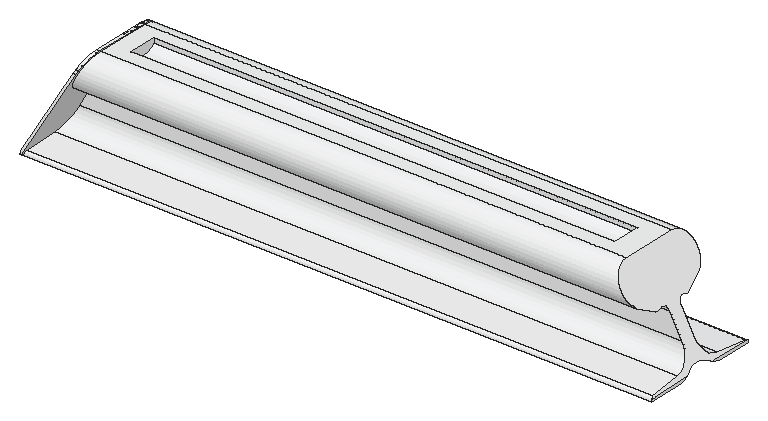
Revit family "Grab_Bar-Ligature_Resistant-Whitehall_Manufacturing_BestCare-WHB-GB_Series", category Specialty Equipment, host Face, Revit 2021
Family settings
  Host = Face
  Round Connector Dimension = Use Diameter
  Part Type = Normal
  OmniClass Number = 23.40.20.21.47
  OmniClass Title = Bath Grab Bars
  Cut with Voids When Loaded = No
  Shared = Yes
  Room Calculation Point = No
Parameters (values of type "WHB-GB18-EG10")
  Width = 4 1/2"  # constant formula
  URL = "https://www.whitehallmfg.com/home"
  Type Comments = "18” Universal Grab Bar"
  Specified Length = 18"
  Product Page URL = "https://www.whitehallmfg.com/ligature-resistant-universal-grab-bar-whb-gb"
  Product Documentation Link = "https://www.whitehallmfg.com/uploads/fileLibrary/WHB-GB.pdf?v=638972443217758824"
  Model = "WHB-GB18-EG10"
  Material = "Cast Aluminum-Whitehall-Snow White (EG10) Enviro-glaze Powder Coat"  # constant formula
  Manufacturer = "Whitehall Manufacturing"  # constant formula
  Length = Specified Length + (2" * 2.75)  # 23 1/2"
  Keynote = ""
  Installation Type = "Wall Mounted"  # constant formula
  Installation Instruction Link = "https://www.whitehallmfg.com/uploads/fileLibrary/6900-251-001%20%20%20WHB-GB.pdf?v=638972443217758824"
  Finish = Cast Aluminum-Whitehall-Snow White (EG10) Enviro-glaze Powder Coat
  Description = "Whitehall BestCare® Universal Aluminum Grab Bar"  # constant formula
  Default Elevation = 0"  # constant formula
  Creation Date = "10/28/2025"  # constant formula
  Bar Depth = 3 5/8"  # constant formula
  Assembly Code = "C1030200"
  ADA Compliant = yes
Types (7): name | Type Comments | Specified Length | Model | Length
  (no name) | "18” Universal Grab Bar" | 18" | "WHB-GB18-EG10" | 23 1/2"
  WHB-GB18-EG10 | "18” Universal Grab Bar" | 18" | "WHB-GB18-EG10" | 23 1/2"
  WHB-GB24-EG10 | "24” Universal Grab Bar" | 24" | "WHB-GB24-EG10" | 29 1/2"
  WHB-GB30-EG10 | "30” Universal Grab Bar" | 30" | "WHB-GB30-EG10" | 35 1/2"
  WHB-GB36-EG10 | "36” Universal Grab Bar" | 36" | "WHB-GB36-EG10" | 41 1/2"
  WHB-GB42-EG10 | "42” Universal Grab Bar" | 42" | "WHB-GB42-EG10" | 47 1/2"
  WHB-GB48-EG10 | "48” Universal Grab Bar" | 48" | "WHB-GB48-EG10" | 53 1/2"
Reference planes (in)
  plane 1 "Center (Front/Back)": y = 0
  plane 2: z = 0
  plane 3 "Center (Left/Right)": x = 0
  plane 4: y = 36
  plane 5: x = -11.75
  plane 6: x = 11.75
  plane 7: y = 31.5
  plane 8: y = 33.75
  plane 9: y = 31.8125
  plane 10: y = 35.6875
  plane 11: y = 32
  plane 12: y = 35.5
  plane 13: z = 3.625
  plane 14: z = 2
  plane 15: x = -9
  plane 16: x = 9
Forms (in)
  Extrusion 1, solid, material "Cast Aluminum-Whitehall-Snow White (EG10) Enviro-glaze Powder Coat" <- "Finish"
    sketch origin (0, 0, 0) x (0, 1, 0) y (0, 0, 1)
      loop
        arc (34.28366, 0.14482) -> (34.45892, 0.05604) -> (34.64982, 0.00962) r 0.85482
        line (34.64982, 0.00962) -> (35.99896, 0.00962)
        arc (35.99896, 0.00962) -> (35.96961, 0.08934) -> (35.90416, 0.1435) r 0.16316
        line (35.90416, 0.1435) -> (34.66298, 0.25335)
        arc (34.66298, 0.25335) -> (34.18702, 0.48851) -> (33.99473, 0.98334) r 0.73285
        line (33.99473, 0.98334) -> (33.99463, 1.83383)
        arc (33.99463, 1.83383) -> (34.09382, 2.01603) -> (34.30068, 2.03162) r 0.21694
        arc (34.30068, 2.03162) -> (34.41094, 2.00086) -> (34.52534, 2.00435) r 0.37984
        arc (34.52534, 2.00435) -> (34.85841, 2.1542) -> (35.17442, 2.33733) r 3.56757
        arc (35.17442, 2.33733) -> (35.46371, 3.12231) -> (34.79333, 3.62278) r 0.69922
        line (34.79333, 3.62278) -> (32.70407, 3.62278)
        arc (32.70407, 3.62278) -> (32.03452, 3.12316) -> (32.32287, 2.33909) r 0.69845
        arc (32.32287, 2.33909) -> (32.64014, 2.15494) -> (32.97466, 2.00435) r 3.56757
        arc (32.97466, 2.00435) -> (33.08906, 2.00086) -> (33.19932, 2.03162) r 0.37984
        arc (33.19932, 2.03162) -> (33.40618, 2.01603) -> (33.50537, 1.83383) r 0.21694
        line (33.50537, 1.83383) -> (33.50537, 0.98334)
        arc (33.50537, 0.98334) -> (33.31298, 0.48851) -> (32.83702, 0.25335) r 0.73285
        line (32.83702, 0.25335) -> (31.59584, 0.1435)
        arc (31.59584, 0.1435) -> (31.53039, 0.08934) -> (31.50104, 0.00962) r 0.16316
        line (31.50104, 0.00962) -> (32.85018, 0.00962)
        arc (32.85018, 0.00962) -> (33.04108, 0.05604) -> (33.21634, 0.14482) r 0.85482
        arc (33.21634, 0.14482) -> (33.75, 0.31691) -> (34.28366, 0.14482) r 0.91353
    from -11.75 to 11.75
  Extrusion 2, void
    sketch origin (0, 0, 0) x (1, 0, 0) y (0, 0, 1)
      loop
        line (-9.81407, 3.71482) -> (-9.81407, 4.75) -> (-12.40625, 4.75) -> (-12.40625, 0) -> (-11.80547, 0) -> (-9.81407, 3.71482)
      loop
        line (9.81407, 3.71482) -> (11.80547, 0) -> (12.40625, 0) -> (12.40625, 4.75) -> (9.81407, 4.75) -> (9.81407, 3.71482)
    from -36 to -31.5
  Extrusion 3, void
    sketch origin (0, 0, 0) x (0, 1, 0) y (0, 0, 1)
      loop
        line (34.28158, 3.45136) -> (34.28158, 3.95136) -> (33.21842, 3.95136) -> (33.21842, 3.45136)
        arc (33.21842, 3.45136) -> (33.75, 3.25897) -> (34.28158, 3.45136) r 0.83057
    from -9 to 9
  Extrusion 4, solid, material "Cast Aluminum-Whitehall-Snow White (EG10) Enviro-glaze Powder Coat" <- "Finish"
    sketch origin (0, 0, 0) x (0, 1, 0) y (0, 0, 1)
      loop
        line (35.99896, 0.00962) -> (35.48027, 3.05478)
        arc (35.48027, 3.05478) -> (35.24764, 3.4618) -> (34.80733, 3.62278) r 0.68263
        line (34.80733, 3.62278) -> (32.69348, 3.62278)
        arc (32.69348, 3.62278) -> (32.25255, 3.46157) -> (32.01959, 3.05398) r 0.68359
        line (32.01959, 3.05398) -> (31.50104, 0.00962) -> (35.99896, 0.00962)
    from -11.75 to -9
  Extrusion 5, void
    sketch origin (0, 0, 0) x (1, 0, 0) y (0, 0, 1)
      loop
        line (-9.68336, 3.73156) -> (-11.68373, 0) -> (-9, 0) -> (-9, 3.73156) -> (-9.68336, 3.73156)
    from -36.44241 to -30.93755
Cuts and joins
  Extrusion 2, Extrusion 3 cuts Extrusion 1
  Extrusion 2, Extrusion 5 cuts Extrusion 4
Dimensions and locks (in)
  plane 6 to plane 5 = 23 1/2"
  plane 1 "Center (Front/Back)" to plane 4 = 36"
  equal spacing: plane 7, plane 8, plane 4
  "Width": plane 7 to plane 4
  plane 9 to plane 10 = 3 7/8"
  plane 11 to plane 12 = 3 1/2"
  "Bar Depth": plane 13 to host face
  plane 13 to plane 14 = 1 5/8"
  plane 15 to plane 5 = 2 3/4"
  locked: plane 5 to plane 15 at 2.75
  locked: plane 16 to plane 6 at 2.75
  "Specified Length": plane 15 to plane 16
  equal spacing: plane 15, plane 3 "Center (Left/Right)", plane 16
  locked: plane 15 to Extrusion 2 sketch curve at 0.81407
  locked: plane 13 to Extrusion 2 sketch curve at 1.125  (x2)
  locked: plane 5 to Extrusion 2 sketch curve at 0.65625
  locked: Extrusion 2 sketch curve to plane 6 at 0.65625
  locked: plane 6 to Extrusion 2 sketch curve at 1.93593
  locked: plane 13 to Extrusion 5 sketch curve at 0.10656
  locked: Extrusion 5 sketch curve to cut or joined group of Extrusion 2, Extrusion 4, Extrusion 5 at 0.1073
  aligned and locked: plane 2 to host face
  aligned and locked: level to host face
  aligned and locked: plane 6 to Extrusion 1
  aligned and locked: Extrusion 1 to plane 5
  aligned and locked: host face to Extrusion 2 sketch curve  (x2)
  aligned and locked: Extrusion 4 to plane 5
  aligned and locked: plane 15 to Extrusion 4
  aligned and locked: plane 15 to Extrusion 5 sketch curve
  aligned and locked: Extrusion 5 sketch curve to plane 2
  aligned and locked: cut or joined group of Extrusion 1, Extrusion 2, Extrusion 3 to plane 15
  aligned and locked: cut or joined group of Extrusion 1, Extrusion 2, Extrusion 3 to plane 16
  aligned and locked: Extrusion 2 to plane 7
  aligned and locked: plane 4 to Extrusion 2
Automatic sketch dimensions
  host sketch curve to host sketch curve = 96"  (x2)
  Extrusion 3 sketch curve to plane 8 = 0"
  Extrusion 3 sketch curve to plane 13 = 0.17364"  (x2)
  Extrusion 3 sketch curve to plane 8 = 0.53158"
  plane 13 to Extrusion 3 sketch curve = 0.46454"
  plane 13 to Extrusion 3 sketch curve = 0.32636"
  Extrusion 1 sketch curve to plane 8 = 0"
  Extrusion 1 sketch curve to plane 8 = 0.24463"
  Extrusion 1 sketch curve to Extrusion 1 sketch curve = 0.21694"  (x2)
  Extrusion 1 sketch curve to plane 8 = 0.51999"
  Extrusion 1 sketch curve to Extrusion 1 sketch curve = 0.24513"  (x2)
  level to Extrusion 1 sketch curve = 0.00962"  (x2)
  plane 11 to Extrusion 1 sketch curve = 0.85018"
  level to Extrusion 1 sketch curve = 0.25335"  (x2)
  Extrusion 1 sketch curve to Extrusion 1 sketch curve = 0.01316"  (x2)
  Extrusion 1 sketch curve to Extrusion 1 sketch curve = 0.0646"  (x2)
  Extrusion 1 sketch curve to Extrusion 1 sketch curve = 0.02744"  (x2)
  Extrusion 1 sketch curve to Extrusion 1 sketch curve = 0.33923"
  Extrusion 1 sketch curve to level = 0.00494"  (x2)
  plane 9 to Extrusion 1 sketch curve = 0.14894"
  plane 7 to Extrusion 1 sketch curve = 0.09584"
  plane 7 to Extrusion 1 sketch curve = 0.00104"
  plane 8 to Extrusion 1 sketch curve = 0.24463"
  plane 8 to Extrusion 1 sketch curve = 0.51999"
  Extrusion 1 sketch curve to Extrusion 1 sketch curve = 0.33662"
  plane 8 to Extrusion 1 sketch curve = 0.89982"
  plane 10 to Extrusion 1 sketch curve = 0.14894"
  Extrusion 1 sketch curve to plane 4 = 0.09584"
  Extrusion 1 sketch curve to plane 4 = 0.00104"
  Extrusion 1 sketch curve to level = 0.59662"
  Extrusion 1 sketch curve to Extrusion 1 sketch curve = 0.60459"  (x2)
  Extrusion 1 sketch curve to Extrusion 1 sketch curve = 0.1254"  (x2)
  Extrusion 1 sketch curve to plane 14 = 0.16617"  (x2)
  plane 14 to Extrusion 1 sketch curve = 0.37793"  (x2)
  Extrusion 1 sketch curve to Extrusion 1 sketch curve = 0.54563"
  Extrusion 1 sketch curve to Extrusion 1 sketch curve = 0.54641"
  Extrusion 1 sketch curve to plane 13 = 0.00222"
  plane 13 to Extrusion 1 sketch curve = 1.70346"
  Extrusion 1 sketch curve to Extrusion 1 sketch curve = 0"  (x5)
  level to Extrusion 1 sketch curve = 0.14482"
  plane 14 to Extrusion 1 sketch curve = 0.00435"  (x2)
  Extrusion 2 sketch curve to plane 5 = 0.05547"
  plane 13 to Extrusion 2 sketch curve = 23/256"  (x2)
  plane 6 to Extrusion 2 sketch curve = 0.05547"
  plane 7 to Extrusion 4 sketch curve = 0.00104"
  plane 11 to Extrusion 4 sketch curve = 0.01959"
  Extrusion 4 sketch curve to Extrusion 4 sketch curve = 0.67389"
  plane 12 to Extrusion 4 sketch curve = 0.69267"
  plane 12 to Extrusion 4 sketch curve = 0.01973"
  Extrusion 4 sketch curve to plane 4 = 0.00104"
  level to Extrusion 4 sketch curve = 0.00962"
  Extrusion 4 sketch curve to plane 13 = 0.68485"
  Extrusion 4 sketch curve to Extrusion 4 sketch curve = 0.00096"
  Extrusion 4 sketch curve to plane 13 = 0.57022"
